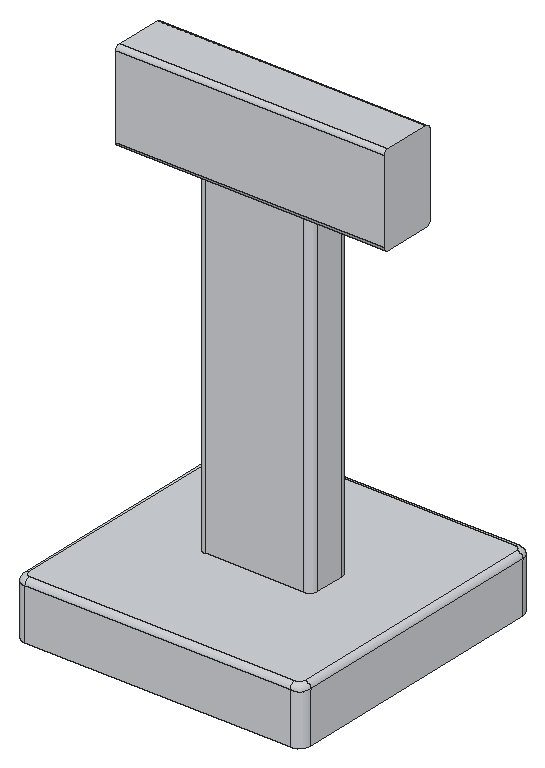
Revit family "Accessory-Robe_Hook-KOHLER-SQUARE-K-23290BR", category Specialty Equipment, host Face, Revit 2017
Family settings
  Host = Face
  Round Connector Dimension = Use Diameter
  Part Type = Normal
  OmniClass Number = 23.31.25.27
  OmniClass Title = Robe Hooks
  Cut with Voids When Loaded = No
  Shared = No
  Room Calculation Point = No
Parameters (values of type "CP-Polished Chrome")
  Width = 2"  # constant formula
  WaterSense Certified = 1 = 0  # no
  URL = "https://br.kohler.com/"
  Type = 1
  Product Page URL = "https://br.kohler.com/product-detail/23290br?skuid=K-23290BR-CP"
  Product Name = "Square"  # constant formula
  Product Documentation Link = ""
  Model = if(Type = 1, "K-23290BR-CP", if(Type = 2, "K-23290BR-BN", if(Type = 3, "K-23290BR-BL", "NA")))  # "K-23290BR-CP"
  Material = "Premium Metal Construction"  # constant formula
  Master Format 2014 Name = "Toilet, Bath, and Laundry Accessories"  # constant formula
  Master Format 2014 = "10 28 00"  # constant formula
  Manufacturer Address = "Rio de Janeiro MULTIREPAROS RUA BATISTA DA COSTA, Nº 352 | STORE B Rio de Janeiro SÃO GONÇALO 24450-470"  # constant formula
  Manufacturer = "KOHLER Co."  # constant formula
  Length = 3 3/8"  # constant formula
  Height = 2"  # constant formula
  Finish = Kohler-Metal-CP-Polished_Chrome
  Environmental Product Declaration = ""
  Description = "Clothes hanger"  # constant formula
  Default Elevation = 42"
  Declare Label = ""
  Date Modified = "09/02/2021"  # constant formula
  Date Created = "09/02/2021"  # constant formula
  Copyright = "Copyright KOHLER Co."  # constant formula
  Contact Us = "https://br.kohler.com/asr-listing"
  Assembly Code = "C1030200"
  ADA Compliant = 1 = 0  # no
Types (4): name | Type | Product Page URL | Model | Finish
  (no name) | 1 | "https://br.kohler.com/product-detail/23290br?skuid=K-23290BR-CP" | "K-23290BR-CP" | Kohler-Metal-CP-Polished_Chrome
  CP-Polished Chrome | 1 | "https://br.kohler.com/product-detail/23290br?skuid=K-23290BR-CP" | "K-23290BR-CP" | Kohler-Metal-CP-Polished_Chrome
  BN-Vibrant Brushed Nickel | 2 | "https://br.kohler.com/product-detail/23290br?skuid=K-23290BR-BN" | "K-23290BR-BN" | Kohler-Metal-BN-Vibrant_Brushed_Nickel
  BL-Matte Black | 3 | "https://br.kohler.com/product-detail/23290br?skuid=K-23290BR-BL" | "K-23290BR-BL" | Kohler-Metal-BL-Matte_Black
Reference planes (in)
  plane 1 "Center (Front/Back)": y = 0
  plane 2: z = 0
  plane 3 "Center (Left/Right)": x = 0
  plane 4: x = -1
  plane 5: x = 1
  plane 6: y = 1
  plane 7: y = -1
  plane 8: z = 3.375
  plane 9: x = -0.9375
  plane 10: x = 0.9375
  plane 11: y = 0.19685
  plane 12: y = -0.19685
  plane 13: x = -0.39961
  plane 14: z = 0.3937
  plane 15: x = 0.39961
  plane 16: z = 2.74409
Dimensions and locks (in)
  "Width": plane 4 to plane 5
  "Height": plane 7 to plane 6
  "Length": level to plane 8
  locked: plane 10 to plane 9 at 1.875
  aligned and locked: plane 2 to host face
  aligned and locked: level to host face
Automatic sketch dimensions
  host sketch curve to host sketch curve = 96"  (x2)
Nested families (in)
  nested 1: "K-23290BR" at (0, 0, 0), type "K-23290BR"
Definition of nested family "K-23290BR"
  Parameters (values of type "K-23290BR")
    Material = none
  Reference planes (in)
    plane 1 "Center (Front/Back)": y = 0
    plane 2: z = 0
    plane 3 "Center (Left/Right)": x = 0
    plane 4: y = 1
    plane 5: y = -1
    plane 6: x = -0.9375
    plane 7: x = -1
    plane 8: x = 0.9375
    plane 9: x = 1
    plane 10: z = 3.375
    plane 11: y = 0.19685
    plane 12: y = -0.19685
    plane 13: z = 2.74409
    plane 14: z = 0.3937
    plane 15: x = -0.39961
    plane 16: x = 0.39961
  Forms (in)
    Sweep 1, solid, material <- "Material", detail levels medium+fine
      path origin (0, 0, 0) x (1, 0, 0) y (0, 1, 0)
        loop
          arc (1.00394, 0.92581) -> (0.98105, 0.98105) -> (0.92581, 1.00394) r 0.07813
          line (0.92581, 1.00394) -> (-0.92581, 1.00394)
          arc (-0.92581, 1.00394) -> (-0.98105, 0.98105) -> (-1.00394, 0.92581) r 0.07813
          line (-1.00394, 0.92581) -> (-1.00394, -0.92581)
          arc (-1.00394, -0.92581) -> (-0.98105, -0.98105) -> (-0.92581, -1.00394) r 0.07813
          line (-0.92581, -1.00394) -> (0.92581, -1.00394)
          arc (0.92581, -1.00394) -> (0.98105, -0.98105) -> (1.00394, -0.92581) r 0.07813
          line (1.00394, -0.92581) -> (1.00394, 0.92581)
      profile origin (1.00394, 0, 0) x (1, 0, 0) y (0, 0, 1)
        loop
          arc (0, 0.35433) -> (-0.01153, 0.38217) -> (-0.03937, 0.3937) r 0.03937
          line (-0.03937, 0.3937) -> (-0.07097, 0.3937) -> (-0.07097, 0) -> (0, 0) -> (0, 0.35433)
    Extrusion 2, solid, material <- "Material", detail levels medium+fine
      sketch origin (0, 0, 0.3937) x (1, 0, 0) y (0, 1, 0)
        loop
          arc (0.34449, -0.15748) -> (0.38346, -0.14134) -> (0.39961, -0.10236) r 0.05512
          line (0.39961, -0.10236) -> (0.39961, 0.10236)
          arc (0.39961, 0.10236) -> (0.38346, 0.14134) -> (0.34449, 0.15748) r 0.05512
          line (0.34449, 0.15748) -> (-0.34449, 0.15748)
          arc (-0.34449, 0.15748) -> (-0.38346, 0.14134) -> (-0.39961, 0.10236) r 0.05512
          line (-0.39961, 0.10236) -> (-0.39961, -0.10236)
          arc (-0.39961, -0.10236) -> (-0.38346, -0.14134) -> (-0.34449, -0.15748) r 0.05512
          line (-0.34449, -0.15748) -> (0.34449, -0.15748)
      from 0 to 2.35
    Extrusion 3, solid, material <- "Material", detail levels medium+fine
      sketch origin (0, 0, 0) x (0, 1, 0) y (0, 0, 1)
        loop
          arc (-0.16648, 3.375) -> (-0.18796, 3.36611) -> (-0.19685, 3.34463) r 0.03037
          line (-0.19685, 3.34463) -> (-0.19685, 2.77008)
          arc (-0.19685, 2.77008) -> (-0.18803, 2.75252) -> (-0.17047, 2.7437) r 0.03125
          line (-0.17047, 2.7437) -> (0.17199, 2.7437)
          arc (0.17199, 2.7437) -> (0.18825, 2.7523) -> (0.19685, 2.76856) r 0.03125
          line (0.19685, 2.76856) -> (0.19685, 3.34197)
          arc (0.19685, 3.34197) -> (0.18718, 3.36533) -> (0.16382, 3.375) r 0.03303
          line (0.16382, 3.375) -> (-0.16648, 3.375)
      from -0.9375 to 0.9375
    Extrusion 4, solid, material <- "Material", detail levels medium+fine
      sketch origin (0, 0, 0) x (1, 0, 0) y (0, 1, 0)
        loop
          line (-0.95249, 0.95249) -> (-0.95249, -0.95249) -> (0.95249, -0.95249) -> (0.95249, 0.95249) -> (-0.95249, 0.95249)
      from 0 to 0.3937
    Extrusion 5, solid, material <- "Material", detail levels coarse
      sketch origin (0, 0, 0) x (1, 0, 0) y (0, 1, 0)
        loop
          line (-1.00394, -1) -> (1.00394, -1) -> (1.00394, 1.00394) -> (-1.00394, 1.00394) -> (-1.00394, -1)
      from 0 to 0.3937
    Extrusion 6, solid, material <- "Material", detail levels coarse
      sketch origin (0, 0, 0.3937) x (1, 0, 0) y (0, 1, 0)
        loop
          line (-0.39961, -0.15748) -> (0.39961, -0.15748) -> (0.39961, 0.15748) -> (-0.39961, 0.15748) -> (-0.39961, -0.15748)
      from 0 to 2.35
    Extrusion 7, solid, material <- "Material", detail levels coarse
      sketch origin (0, 0, 0) x (0, 1, 0) y (0, 0, 1)
        loop
          line (-0.19685, 3.375) -> (-0.19685, 2.7437) -> (0.19685, 2.7437) -> (0.19685, 3.375) -> (-0.19685, 3.375)
      from -0.9375 to 0.9375
  Cuts and joins
    joined: Sweep 1, Extrusion 2, Extrusion 3, Extrusion 4
    joined: Extrusion 5, Extrusion 6, Extrusion 7
  Lines and regions (in)
    Masking region 1
      outline origin (0, 0, 0) x (1, 0, 0) y (0, 1, 0)
        loop
          line (0.92188, 1) -> (-0.92187, 1)
          arc (-0.92187, 1) -> (-0.97712, 0.97712) -> (-1, 0.92187) r 0.07813
          line (-1, 0.92187) -> (-1, -0.92188)
          arc (-1, -0.92188) -> (-0.97712, -0.97712) -> (-0.92187, -1) r 0.07813
          line (-0.92187, -1) -> (0.92188, -1)
          arc (0.92188, -1) -> (0.97712, -0.97712) -> (1, -0.92188) r 0.07812
          line (1, -0.92188) -> (1, 0.92187)
          arc (1, 0.92187) -> (0.97712, 0.97712) -> (0.92188, 1) r 0.07813
    Masking region 2
      outline origin (0, 0, 0) x (1, 0, 0) y (0, 0, 1)
        loop
          line (-0.9375, 3.35156) -> (-0.9375, 2.76753)
          arc (-0.9375, 2.76753) -> (-0.93064, 2.75096) -> (-0.91406, 2.74409) r 0.02344
          line (-0.91406, 2.74409) -> (-0.39961, 2.74409) -> (-0.39961, 0.3937) -> (-0.95215, 0.3937)
          arc (-0.95215, 0.3937) -> (-0.9854, 0.3851) -> (-1, 0.35402) r 0.04038
          line (-1, 0.35402) -> (-1, 0) -> (0, 0) -> (1, 0) -> (1, 0.35402)
          arc (1, 0.35402) -> (0.9854, 0.3851) -> (0.95215, 0.3937) r 0.04038
          line (0.95215, 0.3937) -> (0.39961, 0.3937) -> (0.39961, 2.74409) -> (0.91406, 2.74409)
          arc (0.91406, 2.74409) -> (0.93064, 2.75096) -> (0.9375, 2.76753) r 0.02344
          line (0.9375, 2.76753) -> (0.9375, 3.35156)
          arc (0.9375, 3.35156) -> (0.93064, 3.36814) -> (0.91406, 3.375) r 0.02344
          line (0.91406, 3.375) -> (0, 3.375) -> (-0.91406, 3.375)
          arc (-0.91406, 3.375) -> (-0.93064, 3.36814) -> (-0.9375, 3.35156) r 0.02344
    Masking region 3
      outline origin (0, 0, 0) x (0, 1, 0) y (0, 0, 1)
        loop
          line (0.19685, 2.78302) -> (0.19685, 3.34197)
          arc (0.19685, 3.34197) -> (0.18718, 3.36533) -> (0.16382, 3.375) r 0.03303
          line (0.16382, 3.375) -> (-0.00133, 3.375) -> (-0.16382, 3.375)
          arc (-0.16382, 3.375) -> (-0.18718, 3.36533) -> (-0.19685, 3.34197) r 0.03303
          line (-0.19685, 3.34197) -> (-0.19685, 2.78302)
          arc (-0.19685, 2.78302) -> (-0.18529, 2.75534) -> (-0.15748, 2.7441) r 0.03893
          line (-0.15748, 2.7441) -> (-0.15748, 0.3937) -> (-0.96471, 0.3937)
          arc (-0.96471, 0.3937) -> (-0.98548, 0.38777) -> (-1, 0.37178) r 0.03937
          line (-1, 0.37178) -> (-1, 0) -> (-0.00226, 0) -> (1, 0) -> (1, 0.37178)
          arc (1, 0.37178) -> (0.98548, 0.38777) -> (0.96471, 0.3937) r 0.03937
          line (0.96471, 0.3937) -> (0.15748, 0.3937) -> (0.15748, 2.74409)
          arc (0.15748, 2.74409) -> (0.18545, 2.7555) -> (0.19685, 2.78302) r 0.03893
    symbolic lines, detail levels medium+fine
      curve 1: line (0.91406, 0.19685, 0) -> (-0.91406, 0.19685, 0)
      curve 2: line (-0.91406, -0.19685, 0) -> (0.91406, -0.19685, 0)
      curve 3: line (0.9375, -0.17341, 0) -> (0.9375, 0.17341, 0)
      curve 4: line (-0.9375, 0.17341, 0) -> (-0.9375, -0.17341, 0)
      curve 5: line (-0.39961, 0, 2.7437) -> (0.39961, 0, 2.7437)
      curve 6: line (-0.39961, 0, 0.3937) -> (0.39961, 0, 0.3937)
      curve 7: line (0, 0.15748, 0.3937) -> (0, -0.15748, 0.3937)
      curve 8: arc (-0.91406, 0.19685, 0) -> (-0.93064, 0.18999, 0) -> (-0.9375, 0.17341, 0) r 0.02344
      curve 9: arc (-0.9375, -0.17341, 0) -> (-0.93064, -0.18999, 0) -> (-0.91406, -0.19685, 0) r 0.02344
      curve 10: arc (0.9375, 0.17341, 0) -> (0.93064, 0.18999, 0) -> (0.91406, 0.19685, 0) r 0.02344
      curve 11: arc (0.91406, -0.19685, 0) -> (0.93064, -0.18999, 0) -> (0.9375, -0.17341, 0) r 0.02344
      curve 12: line (0, 0.15748, 2.74409) -> (0, -0.15792, 2.74409)
  Dimensions and locks (in)
    plane 10 to level = 3 3/8"
    plane 8 to plane 6 = 1 7/8"
    plane 4 to plane 5 = 2"
    plane 1 "Center (Front/Back)" to plane 11 = 0.19685"
    plane 7 to plane 9 = 2"
    plane 13 to level = 2.74409"
    aligned and locked: plane 2 to level
